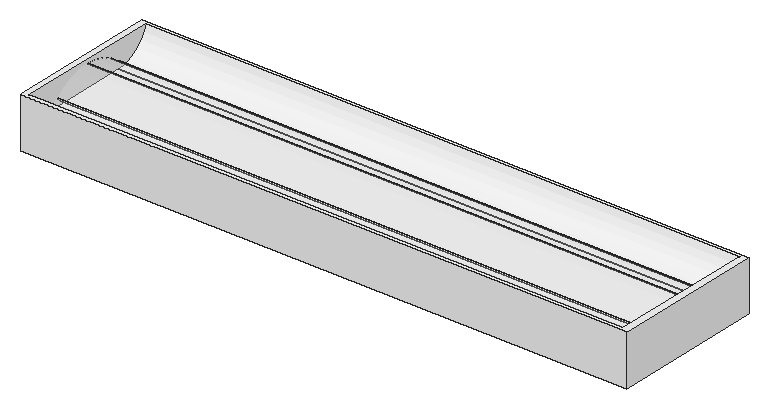
Revit family "TCAT14-G", category Lighting Fixtures, host Face, Revit 2012
Parameters (values of type "TCAT14")
  zz Length = Row Length - 1.000"  # 47.000"
  Width = 12.000"
  Warranty = "Five-year warranty"  # constant formula
  Voltage = 120 V
  Wattage Comments = "21-58 W"  # constant formula
  URL = "http://www.columbialighting.com/"
  Product Page URL = ""
  Product Documentation Link = ""
  Photometric Web = Web TCAT14 : TCAT14-30VWx-EDU
  Model = "TCAT14"  # constant formula
  Manufacturer Phone = "(864)-678-1000"  # constant formula
  Manufacturer Fax = "(866)-898-1065"  # constant formula
  Manufacturer = "Columbia Lighting"  # constant formula
  Row Length = 48.000"
  Load Classification = Lighting
  Lamp = "LED lamp"  # constant formula
  Light Bulb = Hubbell - White Glass
  Description = "1'x 4' LED Twin Contemporary Architectural Troffer"  # constant formula
  Default Elevation = 48.000"
  Certifications = "UL1598, 2108 & CSA"  # constant formula
  Backbox = Hubbell - White
  Apparent Load = 0 VA
Reference planes (in)
  plane 1 "Center (Front/Back)": y = 0.03999
  plane 2: z = 0
  plane 3 "Center (Left/Right)": x = 1.66944
  plane 4: x = -22.33056
  plane 5: x = 25.66944
  plane 6: z = -4
  plane 7: y = -5.96001
  plane 8: y = 6.03999
Forms (in)
  Extrusion 1, void
    sketch origin (0, 0.03999, 0) x (1, 0, 0) y (0, 0, 1)
      loop
        line (-22.33056, 0) -> (-22.33056, -4) -> (25.66944, -4) -> (25.66944, 0) -> (-22.33056, 0)
    from -6 to 6
Dimensions and locks (in)
  equal spacing: plane 5, plane 3 "Center (Left/Right)", plane 4
  "Row Length": plane 5 to plane 4
  equal spacing: plane 7, plane 1 "Center (Front/Back)", plane 8
  "Width": plane 7 to plane 8
  aligned and locked: plane 2 to host face
  aligned and locked: level to host face
  aligned and locked: Extrusion 1 sketch curve to level
  aligned and locked: plane 4 to Extrusion 1 sketch curve
  aligned and locked: Extrusion 1 sketch curve to plane 5
  aligned and locked: plane 6 to Extrusion 1 sketch curve
  aligned and locked: Extrusion 1 to plane 8
  aligned and locked: plane 3 "Center (Left/Right)" to nested 1
  aligned and locked: plane 1 "Center (Front/Back)" to nested 1
  aligned and locked: Extrusion 1 to plane 7
  aligned and locked: nested 1 to nested 2
  aligned and locked: nested 2 to nested 1
Automatic sketch dimensions
  host sketch curve to host sketch curve = 96.000"  (x2)
Nested families (in)
  nested 1: "LED Contemporary Architectural Troffer" at (1.66944, 0.03999, -4), Glass <- "Light Bulb", Finish <- "Backbox", Width <- "Width", Row Length <- "Row Length", type "LED Contemporary Architectural Troffer"
    with Width 12.000", Row Length 48.000", Height 4.000", Glass Hubbell - White Glass, Finish Hubbell - White
  nested 2: "Web TCAT14" at (1.62945, -0.19897, -2) x (0, -1, 0) z (0, 0, 1), type <- "Photometric Web", type "TCAT14-30VWx-EDU"
Connectors (in)
  electrical at (1.66944, 0.03999, -4), driven by "Voltage", driven by "Load Classification", driven by "Apparent Load"
    settings: on nested 1, index 1, voltage 120 V, apparent load 0 VA, apparent load phase1 0 VA, apparent load phase2 0 VA, apparent load phase3 0 VA, power factor 1, load classification "Lighting", number of poles 1, system type 30, power factor state 1, is connector primary yes, connector utility no, sub classification motor no, connector description "Lighting Connector"
Definition of nested family "LED Contemporary Architectural Troffer"
  Parameters (values of type "LED Contemporary Architectural Troffer")
    Width [instance] = 24.000"
    Row Length [instance] = 24.000"
    Height [instance] = 4.000"
    Glass [instance] = none
    Finish [instance] = none
    Default Elevation = 48.000"
  Reference planes (in)
    plane 1 "Center (Front/Back)": y = 0
    plane 2: z = 0
    plane 3 "Center (Left/Right)": x = 0
    plane 4: x = 12
    plane 5: x = -12
    plane 6: y = -12
    plane 7: y = 12
    plane 8: z = 4
    plane 9: x = -11.5
    plane 10: x = 11.5
    plane 11: y = -3
    plane 12: y = 3
    plane 13: z = 2
    plane 14: y = -11.75
    plane 15: y = 11.75
    plane 16: z = 0.25
  Forms (in)
    Extrusion 1, solid
      sketch origin (0, 0, 0) x (1, 0, 0) y (0, 1, 0)
        loop
          line (-48, 48) -> (-48, -48) -> (48, -48) -> (48, 48) -> (-48, 48)
      from 0 to -12
    Extrusion 2, solid, material <- "Glass"
      sketch origin (0, 0, 0) x (0, 1, 0) y (0, 0, 1)
        loop
          arc (-3.0054, 2) -> (-3.2554, 2.25) -> (-3.0054, 2.5) r 0.25
          arc (-3.0054, 2.5) -> (-1.62233, 3.40315) -> (0, 3.71395) r 4.27102
          arc (0, 3.71395) -> (1.62233, 3.40315) -> (3.0054, 2.5) r 4.27102
          arc (3.0054, 2.5) -> (3.2554, 2.25) -> (3.0054, 2) r 0.25
          line (3.0054, 2) -> (3.0054, 1.89823)
          arc (3.0054, 1.89823) -> (3.35619, 2.24902) -> (3.0054, 2.59982) r 0.35079
          arc (3.0054, 2.59982) -> (1.6184, 3.48995) -> (0, 3.80122) r 4.35698
          arc (0, 3.80122) -> (-1.6184, 3.48995) -> (-3.0054, 2.59982) r 4.35698
          arc (-3.0054, 2.59982) -> (-3.35619, 2.24902) -> (-3.0054, 1.89823) r 0.35079
          line (-3.0054, 1.89823) -> (-3.0054, 2)
      from -11.5 to 11.5
    Extrusion 3, solid, material <- "Finish"
      sketch origin (0, 0, 0) x (0, 1, 0) y (0, 0, 1)
        loop
          line (-12, 4) -> (-12, 0) -> (12, 0) -> (12, 4) -> (-12, 4)
      from 11.5 to 12
    Extrusion 4, solid, material <- "Finish"
      sketch origin (0, 0, 0) x (0, 1, 0) y (0, 0, 1)
        loop
          line (12, 4) -> (-12, 4) -> (-12, 0) -> (12, 0) -> (12, 4)
      from -12 to -11.5
    Extrusion 5, solid, material <- "Finish"
      sketch origin (0, 0, 0) x (0, 1, 0) y (0, 0, 1)
        loop
          line (-12, 0) -> (12, 0) -> (12, 4) -> (11.75, 4) -> (11.75, 0.25) -> (-11.75, 0.25) -> (-11.75, 4) -> (-12, 4) -> (-12, 0)
      from -11.5 to 11.5
    Extrusion 6, solid, material <- "Finish"
      sketch origin (0, 0, 0) x (0, 1, 0) y (0, 0, 1)
        loop
          arc (-3, 2) -> (-7.48783, 2.50637) -> (-11.75, 4) r 20.14062
          line (-11.75, 4) -> (-11.75, 0.25) -> (11.75, 0.25) -> (11.75, 4)
          arc (11.75, 4) -> (7.48783, 2.50637) -> (3, 2) r 20.14062
          line (3, 2) -> (-3, 2)
      from -12 to 12
  Cuts and joins
    joined: Extrusion 3, Extrusion 4, Extrusion 5, Extrusion 6
  Dimensions and locks (in)
    equal spacing: plane 4, plane 3 "Center (Left/Right)", plane 5
    "Row Length": plane 4 to plane 5
    equal spacing: plane 6, plane 1 "Center (Front/Back)", plane 7
    "Width": plane 6 to plane 7
    "Height": plane 8 to plane 2
    equal spacing: plane 10, plane 3 "Center (Left/Right)", plane 9
    locked: plane 9 to plane 5 at 0.5
    equal spacing: plane 11, plane 1 "Center (Front/Back)", plane 12
    locked: plane 11 to plane 1 "Center (Front/Back)" at 3
    locked: plane 6 to plane 14 at 0.25
    equal spacing: plane 14, plane 1 "Center (Front/Back)", plane 15
    locked: plane 16 to level at 0.25
    level to Extrusion 5 = 4.000"
    aligned and locked: plane 2 to Extrusion 1
    aligned and locked: level to Extrusion 1
    aligned and locked: Extrusion 2 to plane 10
    aligned and locked: Extrusion 2 to plane 9
    aligned and locked: plane 8 to Extrusion 3 sketch curve
    aligned and locked: plane 6 to Extrusion 3 sketch curve
    aligned and locked: level to Extrusion 3 sketch curve
    aligned and locked: Extrusion 3 sketch curve to plane 7
    aligned and locked: plane 4 to Extrusion 3
    aligned and locked: plane 10 to Extrusion 3
    aligned and locked: Extrusion 4 sketch curve to Extrusion 3  (x4)
    aligned and locked: Extrusion 4 to plane 5
    aligned and locked: plane 9 to Extrusion 4
    aligned and locked: Extrusion 5 sketch curve to Extrusion 3  (x4)
    aligned and locked: plane 8 to Extrusion 5 sketch curve
    aligned and locked: Extrusion 5 sketch curve to plane 14
    aligned and locked: plane 16 to Extrusion 5 sketch curve
    aligned and locked: Extrusion 5 sketch curve to plane 15
    aligned and locked: Extrusion 5 to plane 10
    aligned and locked: Extrusion 5 to plane 9
    aligned and locked: plane 13 to Extrusion 6 sketch curve
    aligned and locked: plane 12 to Extrusion 6 sketch curve
    aligned and locked: plane 11 to Extrusion 6 sketch curve
    aligned and locked: Extrusion 6 sketch curve to plane 14
    aligned and locked: plane 16 to Extrusion 6 sketch curve
    aligned and locked: Extrusion 6 sketch curve to plane 15
    aligned and locked: plane 4 to Extrusion 6
    aligned and locked: Extrusion 6 to plane 5
  Automatic sketch dimensions
    Extrusion 1 sketch curve to Extrusion 1 sketch curve = 96.000"  (x2)
    plane 13 to Extrusion 2 sketch curve = 0.000"  (x2)
    Extrusion 2 sketch curve to plane 1 "Center (Front/Back)" = 0.000"  (x2)
    plane 1 "Center (Front/Back)" to Extrusion 2 sketch curve = 0.00113"
    Extrusion 2 sketch curve to Extrusion 2 sketch curve = 0.0216"  (x2)
    Extrusion 2 sketch curve to plane 11 = 0.0054"
    Extrusion 2 sketch curve to plane 1 "Center (Front/Back)" = 0.00113"
    Extrusion 2 sketch curve to plane 12 = 0.0054"
    plane 13 to Extrusion 2 sketch curve = 0.10177"  (x2)
    Extrusion 2 sketch curve to level = 0.55575"
    Extrusion 2 sketch curve to Extrusion 2 sketch curve = 0.000"
    Extrusion 2 sketch curve to Extrusion 2 sketch curve = 0.00126"  (x2)
    Extrusion 2 sketch curve to Extrusion 2 sketch curve = 0.24902"
    Extrusion 2 sketch curve to Extrusion 2 sketch curve = 0.00098"
    plane 8 to Extrusion 6 sketch curve = 0.000"  (x2)
Definition of nested family "Web TCAT14"
  Parameters (values of type "TCAT14-50XWx-EDU")
    Wattage Comments = ""
    Wattage = 44 W
    built-in parameter 1150110 = 1 (stored number, unit not read)
    URL = ""
    built-in parameter 1114217 = 1 (stored number, unit not read)
    Tilt Angle = 90.00°
    built-in parameter 1150109 = 1 (stored number, unit not read)
    built-in parameter 1150134 = 2
    built-in parameter 1150113 = 1 (stored number, unit not read)
    Product Page URL = ""
    Product Documentation Link = ""
    Photometric Web File = "TCAT14-50XWx-EDU.ies"
    Model = ""
    Manufacturer Phone = ""
    Manufacturer Fax = ""
    Manufacturer = ""
    built-in parameter 1150105 = 343.14 (stored number, unit not read)
    Lumens = 4312 lm
    built-in parameter 1150115 = 1 (stored number, unit not read)
    built-in parameter 1150137 = (empty or 0)
    built-in parameter 1150139 = (empty or 0)
    built-in parameter 1150112 = 1 (stored number, unit not read)
    built-in parameter 1150114 = 1 (stored number, unit not read)
    Lamp = ""
    built-in parameter 1150132 = (empty or 0)
    built-in parameter 1150102 = (empty or 0)
    built-in parameter 1150107 = 5000 (stored number, unit not read)
    built-in parameter 1150138 = (empty or 0)
    built-in parameter 1150106 = 3.4314 (stored number, unit not read)
    Emit from Rectangle Width = 6.000"
    Emit from Rectangle Length = 47.000"
    Emit Shape Visible in Rendering = no
    built-in parameter 1150104 = 9.1045 (stored number, unit not read)
    Dimming Lamp Color Temperature Shift = (empty or 0)
    Description = ""
    Default Elevation = 48.000"
    Color Filter = 16777215
    built-in parameter 1114218 = 1 (stored number, unit not read)
    built-in parameter 1150133 = 10 (stored number, unit not read)
  Types (32): name | built-in parameter 1150134 | Photometric Web File | built-in parameter 1150107
    TCAT14-30HLx-EDU | (empty or 0) | "TCAT14-30HLx-EDU.ies" | 3000 (stored number, unit not read)
    TCAT14-30LWx-EDU | (empty or 0) | "TCAT14-30LWx-EDU.ies" | 3000 (stored number, unit not read)
    TCAT14-30MLx-EDU | (empty or 0) | "TCAT14-30MLx-EDU.ies" | 3000 (stored number, unit not read)
    TCAT14-30MWx-EDU | (empty or 0) | "TCAT14-30MWx-EDU.ies" | 3000 (stored number, unit not read)
    TCAT14-30VLx-EDU | (empty or 0) | "TCAT14-30VLx-EDU.ies" | 3000 (stored number, unit not read)
    TCAT14-30VWx-EDU | (empty or 0) | "TCAT14-30VWx-EDU.ies" | 3000 (stored number, unit not read)
    TCAT14-30XLx-EDU | (empty or 0) | "TCAT14-30XLx-EDU.ies" | 3000 (stored number, unit not read)
    TCAT14-30XWx-EDU | (empty or 0) | "TCAT14-30XWx-EDU.ies" | 3000 (stored number, unit not read)
    TCAT14-35HLx-EDU | (empty or 0) | "TCAT14-35HLx-EDU.ies" | 3500 (stored number, unit not read)
    TCAT14-35LWx-EDU | (empty or 0) | "TCAT14-35LWx-EDU.ies" | 3500 (stored number, unit not read)
    TCAT14-35MLx-EDU | (empty or 0) | "TCAT14-35MLx-EDU.ies" | 3500 (stored number, unit not read)
    TCAT14-35MWx-EDU | (empty or 0) | "TCAT14-35MWx-EDU.ies" | 3500 (stored number, unit not read)
    TCAT14-35VLx-EDU | (empty or 0) | "TCAT14-35VLx-EDU.ies" | 3500 (stored number, unit not read)
    TCAT14-35VWx-EDU | (empty or 0) | "TCAT14-35VWx-EDU.ies" | 3500 (stored number, unit not read)
    TCAT14-35XLx-EDU | (empty or 0) | "TCAT14-35XLx-EDU.ies" | 3500 (stored number, unit not read)
    TCAT14-35XWx-EDU | (empty or 0) | "TCAT14-35XWx-EDU.ies" | 3500 (stored number, unit not read)
    TCAT14-40HLx-EDU | 12 | "TCAT14-40HLx-EDU.ies" | 4000 (stored number, unit not read)
    TCAT14-40LWx-EDU | 12 | "TCAT14-40LWx-EDU.ies" | 4000 (stored number, unit not read)
    TCAT14-40MLx-EDU | 12 | "TCAT14-40MLx-EDU.ies" | 4000 (stored number, unit not read)
    TCAT14-40VLx-EDU | 12 | "TCAT14-40VLx-EDU.ies" | 4000 (stored number, unit not read)
    TCAT14-40VWx-EDU | 12 | "TCAT14-40VWx-EDU.ies" | 4000 (stored number, unit not read)
    TCAT14-40XLx-EDU | 12 | "TCAT14-40XLx-EDU.ies" | 4000 (stored number, unit not read)
    TCAT14-40XWx-EDU | 12 | "TCAT14-40XWx-EDU.ies" | 4000 (stored number, unit not read)
    TCAT14-40MWx-EDU | 12 | "TCAT14-40MWx-EDU.ies" | 4000 (stored number, unit not read)
    TCAT14-50HLx-EDU | 2 | "TCAT14-50HLx-EDU.ies" | 5000 (stored number, unit not read)
    TCAT14-50LWx-EDU | 2 | "TCAT14-50LWx-EDU.ies" | 5000 (stored number, unit not read)
    TCAT14-50MLx-EDU | 2 | "TCAT14-50MLx-EDU.ies" | 5000 (stored number, unit not read)
    TCAT14-50MWx-EDU | 2 | "TCAT14-50MWx-EDU.ies" | 5000 (stored number, unit not read)
    TCAT14-50VLx-EDU | 2 | "TCAT14-50VLx-EDU.ies" | 5000 (stored number, unit not read)
    TCAT14-50VWx-EDU | 2 | "TCAT14-50VWx-EDU.ies" | 5000 (stored number, unit not read)
    TCAT14-50XLx-EDU | 2 | "TCAT14-50XLx-EDU.ies" | 5000 (stored number, unit not read)
    TCAT14-50XWx-EDU | 2 | "TCAT14-50XWx-EDU.ies" | 5000 (stored number, unit not read)
  Reference planes (in)
    plane 1 "Center (Front/Back)": y = 0.03999
    plane 2: z = 0
    plane 3 "Center (Left/Right)": x = -0.23896
  Forms (in)
    Extrusion 1, solid
      sketch origin (0, 0, 0.06357) x (1, 0, 0) y (0, 1, 0)
        loop
          line (-48, 48) -> (-48, -48) -> (48, -48) -> (48, 48) -> (-48, 48)
      from -0.06357 to -6.74357
  Lines and regions (in)
    reference lines
      curve 1: line (-0.23896, 0.03999, 18.11448) -> (-0.23896, 0.03999, -22.88552)
      curve 2: line (-0.23896, 0.03999, 34) -> (-0.23896, 0.03999, -22.88552)
  Dimensions and locks (in)
    aligned and locked: plane 2 to Extrusion 1
    aligned and locked: level to Extrusion 1
    aligned and locked: curve 1 to plane 3 "Center (Left/Right)"
    aligned and locked: plane 1 "Center (Front/Back)" to curve 2
    aligned and locked: imposter light to plane 1 "Center (Front/Back)"
    aligned and locked: imposter light to level
    aligned and locked: plane 3 "Center (Left/Right)" to imposter light
